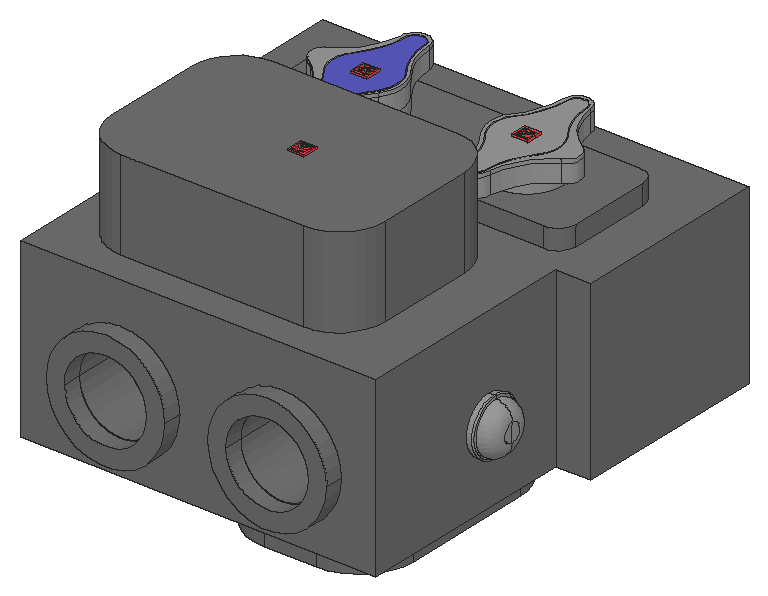
Revit family "HerzCon-Direktanschluss für FanCoils 90mm", category Rohrzubehör, Revit 2020
Family settings
  Bemaßung runder Anschluss = Durchmesser verwenden
  Teiletyp = Unterbricht
  OmniClass-Nummer = 23.65.55.14
  OmniClass-Titel = Valves for Liquid Services
  Arbeitsebenenbasiert = Nein
  Immer vertikal = Ja
  Beim Laden mit Abzugskörper schneiden = Nein
  Gemeinsam genutzt = Nein
Parameters (values of type "DN25")
  kvs-Wert (normale Funktion) = "2.75"  # constant formula
  kvs-Wert (Bypass Funktion) = "10.00"  # constant formula
  Vorgabe-Ansicht = 0.00 mm
  URL = "www.herz-armaturen.at"
  SCRNSEQ = "ARM;TYP_ARM=\"DURR\";02"
  SCRNCODE = "05;04;04"  # constant formula
  Nennweite SF [instance] = 32.00 mm  # constant formula
  Nennweite Kombi [instance] = 32.00 mm  # constant formula
  Nennweite KH [instance] = 25.00 mm  # constant formula
  Min. Betriebstemperatur = -20 °C  # constant formula
  Membrane und O-Ringe = "EPDM"  # constant formula
  Medium = "Heizungswasser gemäß ÖNORM H5195 oder VDI-Standard 2035.\r\nDie Verwendung von Ethylen- oder Propylenglykol-Gemischen in einem Verhältnis von 25-50 Vol.- % ist erlaubt."
  Max. Differenzdruck = 400000.0 Pa  # constant formula
  Max. Betriebstemperatur = 130 °C  # constant formula
  Max. Betriebsdruck = 2500000.0 Pa  # constant formula
  L11 = 14.00 mm  # constant formula
  L10 = 25.00 mm  # constant formula
  L09 = 16.00 mm  # constant formula
  L08 = 14.75 mm  # constant formula
  L07 = 12.50 mm  # constant formula
  L06 = 20.50 mm  # constant formula
  L04 = 45.00 mm  # constant formula
  L03 = 18.00 mm  # constant formula
  L02 = 4.80 mm  # constant formula
  L01 = 19.85 mm  # constant formula
  L00 [instance] = 189.70 mm  # constant formula
  L05 = 22.00 mm  # constant formula
  Isolierschalen = "EPP, wasserdampfdiffusionsdicht, schwarz"  # constant formula
  Hub = "4 mm"  # constant formula
  Hersteller = "HERZ Armaturen Ges.m.b.H."  # constant formula
  H02 = D02 + 1.00 mm  # 28.00 mm
  H01 = 39.50 mm  # constant formula
  Gehäuse = "entzinkungsbeständiges Messing"  # constant formula
  Dämmung [instance] = yes
  D11 = 20.00 mm  # constant formula
  D10 = 13.00 mm  # constant formula
  D09 = 18.90 mm  # constant formula
  D08 = 19.10 mm  # constant formula
  D07 = 14.85 mm  # constant formula
  D06 = 32.60 mm  # constant formula
  D05 = 33.80 mm  # constant formula
  D04 = 15.50 mm  # constant formula
  D03 = 21.25 mm  # constant formula
  D02 = 27.00 mm  # constant formula
  D01 = 15.00 mm  # constant formula
  Bestellnummer Isolierschale [instance] = 1470098  # constant formula
  Bestellnummer [instance] = 1460058  # constant formula
  Anwendungen = "Die HerzCON wurden entwickelt, um eine einfache Verbindung zu Gebläsekonvektoren oder anderen Anschlusseinheiten herzustellen.\r\nEin HerzCON ist eine Einheit, bestehend aus einem druckunabhängigen Kombiventil-Volumenstromregler (4006), Herz-Schmutzfänger, Herz-Entleerungshahn (2512) und zwei Herz-Multifunktionskugelhähnen.\r\nDas Ein-/ Aus Schalten sowie Modulieren ist über einen 0-10 V Stellantrieb möglich und kann bei Bedarf in eine GLT integriert werden.\r\nDie Einheit optimiert die Energieeffizienz des Systems, da es eine druckunabhängige Regelung ist, die den vollen Regelbereich unabhängig von Druckschwankungen gewährleistet, während gleichzeitig ein konstanter Durchfluss sichergestellt wird.\r\nMit der HerzCON können auch Spül- und Absperrvorgänge durchgeführt werden.\r\nEine Einheit kann für Heizen und Kühlen verwendet werden.\r\nEs gibt daher keinen Produktunterschied zwischen Heizen und Kühlen.\r\nDer am Sieb angebrachte Ablasshahn ermöglicht ein Spülen, ohne dass der Siebkorb entfernt werden muss.\r\nAußerdem kann der Siebkorb vor Ort gereinigt werden."
Reference planes
  plane 1 "Mitte (Vorne/hinten)": y = 0
  plane 2: z = 0
  plane 3 "Mitte (Links/rechts)": x = 0
Forms (mm)
  Revolve 1, solid, material "Messing, weicher Gelbton, geschweißt", detail levels fine
    sketch origin (-0.315, -1.436, 0) x (1, 0, 0) y (0, 1, 0)
      loop
        line (-94.535, 1.436) -> (95.165, 1.436) -> (95.165, 16.436) -> (75.315, 16.436) -> (75.315, 28.436) -> (23.115, 28.436) -> (23.115, 22.686) -> (18.315, 22.686) -> (18.315, 16.936) -> (-17.685, 16.936) -> (-17.685, 22.686) -> (-22.485, 22.686) -> (-22.485, 28.436) -> (-74.685, 28.436) -> (-74.685, 16.436) -> (-94.535, 16.436) -> (-94.535, 1.436)
      axis (95.165, 1.436) -> (-94.535, 1.436)
    angle from 0 to 360
  Revolve 2, solid, material "Messing, weicher Gelbton, geschweißt", detail levels fine
    sketch origin (0, 0, 0) x (1, 0, 0) y (0, 1, 0)
      loop
        line (-45, 28.35) -> (-57.5, 28.35) -> (-57.5, 47.45) -> (-65.5, 47.45) -> (-65.5, 32.6) -> (-67, 32.6) -> (-67, -33.8) -> (-59.75, -33.8) -> (-59.75, -45.7) -> (-70, -45.7) -> (-70, -65.7) -> (-61, -65.7) -> (-61, -52.7) -> (-45, -52.7) -> (-45, 28.35)
      axis (-45, 47.45) -> (-45, -65.7)
    angle from 0 to 360
  Revolve 3, solid, material "Messing, weicher Gelbton, geschweißt", detail levels fine
    sketch origin (0, 0, 0) x (-1, 0, 0) y (0, 1, 0)
      loop
        line (-45, 28.35) -> (-57.5, 28.35) -> (-57.5, 47.45) -> (-65.5, 47.45) -> (-65.5, 32.6) -> (-67, 32.6) -> (-67, -33.8) -> (-59.75, -33.8) -> (-59.75, -45.7) -> (-70, -45.7) -> (-70, -65.7) -> (-61, -65.7) -> (-61, -52.7) -> (-45, -52.7) -> (-45, 28.35)
      axis (-45, 47.45) -> (-45, -65.7)
    angle from 0 to 360
  Revolve 4, solid, material "Messing, weicher Gelbton, geschweißt", detail levels fine
    sketch origin (0, 0, 0) x (1, 0, 0) y (0, 0, 1)
      loop
        line (-45, 0) -> (-45, 39.5) -> (-59, 39.5) -> (-59, 0) -> (-45, 0)
      axis (-45, 0) -> (-45, 39.5)
    angle from 0 to 360
  Revolve 5, solid, material "Messing, weicher Gelbton, geschweißt", detail levels fine
    sketch origin (0, 0, 0) x (-1, 0, 0) y (0, 0, 1)
      loop
        line (-45, 0) -> (-45, 39.5) -> (-59, 39.5) -> (-59, 0) -> (-45, 0)
      axis (-45, 0) -> (-45, 39.5)
    angle from 0 to 360
  Revolve 6, solid, material "Messing, weicher Gelbton, geschweißt", detail levels fine
    sketch origin (0, 33.127, 0) x (1, 0, 0) y (0, 1, 0)
      loop
        line (45, -87.677) -> (29, -87.677) -> (29, -96.677) -> (30, -96.677) -> (30, -154.677) -> (29, -154.677) -> (29, -163.677) -> (45, -163.677) -> (45, -87.677)
      axis (45, -87.677) -> (45, -163.677)
    angle from 0 to 360
  Revolve 7, solid, material "Messing, weicher Gelbton, geschweißt", detail levels fine
    sketch origin (0, 0, 0) x (1, 0, 0) y (0, 1, 0)
      loop
        line (25, -92.55) -> (25, -107.55) -> (45, -107.55) -> (60, -111.55) -> (68, -111.55) -> (68, -107.55) -> (78, -107.55) -> (78, -105.55) -> (91, -105.55) -> (91, -106.55) -> (100, -106.55) -> (100, -92.55) -> (25, -92.55)
      axis (25, -92.55) -> (100, -92.55)
    angle from 0 to 360
  Revolve 8, solid, material "Messing, weicher Gelbton, geschweißt", detail levels fine
    sketch origin (0, 0, 0) x (1, 0, 0) y (0, 1, 0)
      loop
        line (25, -92.55) -> (11, -92.55) -> (11, -103.55) -> (15, -103.55) -> (15, -109.55) -> (25, -109.55) -> (25, -92.55)
      axis (11, -92.55) -> (25, -92.55)
    angle from 0 to 360
  Extrusion 9, solid, material "Messing, weicher Gelbton, geschweißt", detail levels fine
    sketch origin (0, 0, 0) x (0, 1, 0) y (0, 0, 1)
      loop
        line (-87.8, 46) -> (-97.3, 46) -> (-130.012, 27.114) -> (-134.762, 18.886) -> (-134.762, -18.886) -> (-130.012, -27.114) -> (-97.3, -46) -> (-87.8, -46) -> (-55.088, -27.114) -> (-50.338, -18.886) -> (-50.338, 18.886) -> (-55.088, 27.114) -> (-87.8, 46)
    from 11 to -10.6
  Revolve 10, solid, material "Messing, weicher Gelbton, geschweißt", detail levels fine
    sketch origin (0, 0, 0) x (1, 0, 0) y (0, 1, 0)
      loop
        line (-10.6, -92.55) -> (-10.6, -62.694) -> (-14.1, -75.05) -> (-14.1, -92.55) -> (-10.6, -92.55)
      axis (-14.1, -92.55) -> (-10.6, -92.55)
    angle from 0 to 360
  Extrusion 11, solid, material "Messing, weicher Gelbton, geschweißt", detail levels fine
    sketch origin (0, 0, 0) x (1, 0, 0) y (0, 0, 1)
      loop
        line (11, 8) -> (-6.1, 8)
        arc (-6.1, 8) -> (-14.1, 0) -> (-6.1, -8) r 8
        line (-6.1, -8) -> (11, -8) -> (11, 8)
    from 49.053 to 92.55
  Revolve 12, solid, material "Messing, weicher Gelbton, geschweißt", detail levels fine
    sketch origin (0, 0, 0) x (1, 0, 0) y (0, 1, 0)
      loop
        line (-13.1, -49.053) -> (-6.1, -49.053) -> (-6.1, -33.053) -> (-13.1, -33.053) -> (-13.1, -44.053) -> (-10.1, -44.053) -> (-10.1, -46.053) -> (-13.1, -46.053) -> (-13.1, -49.053)
      axis (-6.1, -33.053) -> (-6.1, -49.053)
    angle from 0 to 360
  Revolve 13, solid, material "Messing, weicher Gelbton, geschweißt", detail levels fine
    sketch origin (45, 0, 0) x (0, 1, 0) y (0, 0, 1)
      loop
        line (-107.55, 29) -> (-116.55, 29) -> (-116.55, 0) -> (-115.35, 0) -> (-115.35, -27) -> (-114.55, -27) -> (-114.55, -30) -> (-111.55, -30) -> (-111.55, -32) -> (-114.55, -32) -> (-114.55, -43) -> (-107.55, -43) -> (-107.55, 29)
      axis (-107.55, 29) -> (-107.55, -43)
    angle from 0 to 360
  Revolve 14, solid, material "Messing, weicher Gelbton, geschweißt", detail levels fine
    sketch origin (45, 0, 0) x (0, 1, 0) y (0, 0, 1)
      loop
        line (-68.55, 29) -> (-77.55, 29) -> (-77.55, 0) -> (-68.55, 0) -> (-68.55, 29)
      axis (-77.55, 29) -> (-77.55, 0)
    angle from 0 to 360
  Revolve 15, solid, material "Messing, weicher Gelbton, geschweißt", detail levels fine
    sketch origin (5.25, 97.957, 0) x (1, 0, 0) y (0, 1, 0)
      loop
        line (-50.25, -152.507) -> (-66.25, -152.507) -> (-66.25, -167.507) -> (-67.75, -167.507) -> (-67.75, -230.907) -> (-66.25, -230.907) -> (-66.25, -242.507) -> (-50.25, -242.507) -> (-50.25, -152.507)
      axis (-50.25, -152.507) -> (-50.25, -242.507)
    angle from 0 to 360
  Revolve 16, solid, material "Messing, weicher Gelbton, geschweißt", detail levels fine
    sketch origin (-45, -230.478, 0) x (0, 1, 0) y (0, 0, 1)
      loop
        arc (130.928, -23.913) -> (141.764, -20.377) -> (148.428, -11.13) r 18.37
        line (148.428, -11.13) -> (148.428, 3) -> (149.428, 4.812) -> (149.428, 32.5) -> (149.428, 34.5) -> (148.428, 34.5) -> (148.428, 36) -> (144.428, 36) -> (144.428, 49) -> (142.55, 50.084)
        arc (142.55, 50.084) -> (140.382, 52.622) -> (140.295, 55.959) r 5
        line (140.295, 55.959) -> (141.933, 61) -> (141.933, 76) -> (144.133, 76) -> (144.133, 77.5) -> (145.912, 77.5) -> (145.912, 84) -> (144.912, 86.5) -> (133.412, 86.5) -> (133.412, 89.5) -> (134.912, 89.5) -> (134.912, 91.5) -> (130.928, 91.5) -> (130.928, -23.913)
      axis (130.928, 91.5) -> (130.928, -23.913)
    angle from 0 to 360
  Extrusion 17, solid, material "Messing, weicher Gelbton, geschweißt", detail levels fine
    sketch origin (-1, -230.478, 0) x (0, 1, 0) y (0, 0, 1)
      loop
        circle (130.928, 65) r 5.5
    from -44 to -27
  Extrusion 18, solid, material "Kunststoff-Anthrazit/Schwarz", visible <- "Dämmung", detail levels fine
    sketch origin (-452.346, 0, 0) x (1, 0, 0) y (0, 1, 0)
      loop
        line (332.346, 64.5) -> (332.346, -45.5) -> (351.746, -45.5) -> (351.746, -170.5) -> (549.946, -170.5) -> (549.946, -45.5) -> (569.346, -45.5) -> (569.346, 64.5) -> (332.346, 64.5)
    from -42 to 56
  Extrusion 19, void
    sketch origin (0, 0, 0) x (0, 1, 0) y (0, 0, 1)
      loop
        circle (-92.55, 0) r 15
    from 117 to 32.451
  Extrusion 20, void
    sketch origin (0, 0, 0) x (1, 0, 0) y (0, 0, 1)
      loop
        circle (-45, 0) r 23
      loop
        circle (45, 0) r 23
    from 184.5 to -80
  Extrusion 21, solid, material "Kunststoff-Anthrazit/Schwarz", visible <- "Dämmung", detail levels fine
    sketch origin (0, 0, 0) x (1, 0, 0) y (0, 0, 1)
      loop
        circle (-45, 0) r 33
      loop
        circle (45, 0) r 33
    from 180.5 to 170.5
  Extrusion 22, solid, material "Kunststoff-Anthrazit/Schwarz", visible <- "Dämmung", detail levels fine
    sketch origin (0, 0, 0) x (1, 0, 0) y (0, 0, 1)
      loop
        circle (-45, 0) r 33
      loop
        circle (45, 0) r 33
    from -64.5 to -74.5
  Extrusion 23, solid, material "Kunststoff-Anthrazit/Schwarz", visible <- "Dämmung", detail levels fine
    sketch origin (0, 0, 0) x (1, 0, 0) y (0, 1, 0)
      loop
        line (43.2, -46.9) -> (-58.4, -46.9)
        arc (-58.4, -46.9) -> (-76.078, -54.222) -> (-83.4, -71.9) r 25
        line (-83.4, -71.9) -> (-83.4, -128)
        arc (-83.4, -128) -> (-76.078, -145.678) -> (-58.4, -153) r 25
        line (-58.4, -153) -> (43.2, -153)
        arc (43.2, -153) -> (60.878, -145.678) -> (68.2, -128) r 25
        line (68.2, -128) -> (68.2, -71.9)
        arc (68.2, -71.9) -> (60.878, -54.222) -> (43.2, -46.9) r 25
    from 56 to 106
  Extrusion 24, solid, material "Kunststoff-Anthrazit/Schwarz", visible <- "Dämmung", detail levels fine
    sketch origin (0, 0, 0) x (1, 0, 0) y (0, 1, 0)
      loop
        arc (81.5, -33.43) -> (88.571, -30.501) -> (91.5, -23.43) r 10
        line (91.5, -23.43) -> (91.5, 22.8)
        arc (91.5, 22.8) -> (88.571, 29.871) -> (81.5, 32.8) r 10
        line (81.5, 32.8) -> (-81.5, 32.8)
        arc (-81.5, 32.8) -> (-88.571, 29.871) -> (-91.5, 22.8) r 10
        line (-91.5, 22.8) -> (-91.5, -23.43)
        arc (-91.5, -23.43) -> (-88.571, -30.501) -> (-81.5, -33.43) r 10
        line (-81.5, -33.43) -> (81.5, -33.43)
    from 56 to 67
  Extrusion 25, solid, material "Kunststoff-Anthrazit/Schwarz", visible <- "Dämmung", detail levels fine
    sketch origin (0, 0, 0) x (1, 0, 0) y (0, 1, 0)
      loop
        arc (5.4, 1.85) -> (-15.813, -6.937) -> (-24.6, -28.15) r 30
        line (-24.6, -28.15) -> (-24.6, -102.9)
        arc (-24.6, -102.9) -> (-15.813, -124.113) -> (5.4, -132.9) r 30
        line (5.4, -132.9) -> (34.4, -132.9)
        arc (34.4, -132.9) -> (55.613, -124.113) -> (64.4, -102.9) r 30
        line (64.4, -102.9) -> (64.4, -28.15)
        arc (64.4, -28.15) -> (55.613, -6.937) -> (34.4, 1.85) r 30
        line (34.4, 1.85) -> (5.4, 1.85)
    from -42 to -76
Cuts and joins
  Extrusion 19, Extrusion 20 cuts Extrusion 18
  Extrusion 20 cuts Extrusion 21
  Extrusion 20 cuts Extrusion 22
Dimensions and locks
  "D04": Revolve 1 sketch curve to Revolve 1 sketch curve
  "D03": Revolve 1 sketch curve to Revolve 1 sketch curve  (x2)
  "D01": Revolve 1 sketch curve to Revolve 1 sketch curve  (x2)
  "D02": Revolve 1 sketch curve to Revolve 1 sketch curve  (x2)
  "L00": Revolve 1 sketch curve to Revolve 1 sketch curve
  "L01": Revolve 1 sketch curve to Revolve 1 sketch curve  (x2)
  "L02": Revolve 1 sketch curve to Revolve 1 sketch curve  (x2)
  equal spacing: Revolve 1 sketch curve, plane 3 "Mitte (Links/rechts)", Revolve 1 sketch curve
  "L03": Revolve 1 sketch curve to plane 3 "Mitte (Links/rechts)" to Revolve 1 sketch curve
  "L04": Revolve 2 sketch curve to plane 3 "Mitte (Links/rechts)"  (x2)
  "L05": Revolve 2 sketch curve to Revolve 2 sketch curve
  "D05": Revolve 2 sketch curve to plane 1 "Mitte (Vorne/hinten)"
  "D06": plane 1 "Mitte (Vorne/hinten)" to Revolve 2 sketch curve
  "L06": Revolve 2 sketch curve to Revolve 2 sketch curve
  "D07": Revolve 2 sketch curve to Revolve 2 sketch curve
  "D08": Revolve 2 sketch curve to Revolve 2 sketch curve
  "L07": Revolve 2 sketch curve to Revolve 2 sketch curve
  "L08": Revolve 2 sketch curve to Revolve 2 sketch curve
  "D09": Revolve 2 sketch curve to Revolve 2 sketch curve
  "D10": Revolve 2 sketch curve to Revolve 2 sketch curve
  "D11": Revolve 2 sketch curve to Revolve 2 sketch curve
  "L09": Revolve 2 sketch curve to Revolve 2 sketch curve
  "L10": Revolve 2 sketch curve to Revolve 2 sketch curve
  "L05": Revolve 3 sketch curve to Revolve 3 sketch curve
  "L06": Revolve 3 sketch curve to Revolve 3 sketch curve
  "D07": Revolve 3 sketch curve to Revolve 3 sketch curve
  "D08": Revolve 3 sketch curve to Revolve 3 sketch curve
  "L07": Revolve 3 sketch curve to Revolve 3 sketch curve
  "L08": Revolve 3 sketch curve to Revolve 3 sketch curve
  "D09": Revolve 3 sketch curve to Revolve 3 sketch curve
  "D10": Revolve 3 sketch curve to Revolve 3 sketch curve
  "D11": Revolve 3 sketch curve to Revolve 3 sketch curve
  "L09": Revolve 3 sketch curve to Revolve 3 sketch curve
  "L10": Revolve 3 sketch curve to Revolve 3 sketch curve
  "L04": plane 3 "Mitte (Links/rechts)" to Revolve 3 sketch curve  (x2)
  "D05": Revolve 3 sketch curve to plane 1 "Mitte (Vorne/hinten)"
  "D06": plane 1 "Mitte (Vorne/hinten)" to Revolve 3 sketch curve
  "H01": Revolve 4 sketch curve to plane 2
  "L04": plane 3 "Mitte (Links/rechts)" to Revolve 4 sketch curve  (x2)
  "L11": Revolve 4 sketch curve to Revolve 4 sketch curve
  "L11": Revolve 5 sketch curve to Revolve 5 sketch curve
  "L04": Revolve 5 sketch curve to plane 3 "Mitte (Links/rechts)"  (x2)
  "H01": Revolve 5 sketch curve to plane 2
  "L04": nested 3 to plane 3 "Mitte (Links/rechts)"
  "L04": plane 3 "Mitte (Links/rechts)" to nested 4
  "H02": nested 3 to plane 2
  "H02": nested 4 to plane 2
  "L04": plane 3 "Mitte (Links/rechts)" to Revolve 6 sketch curve  (x2)
  Revolve 6 sketch curve to Revolve 6 sketch curve = 16.00 mm  (x2)
  Revolve 6 sketch curve to Revolve 6 sketch curve = 15.00 mm
  Revolve 6 sketch curve to Revolve 6 sketch curve = 76.00 mm
  Revolve 6 sketch curve to Revolve 6 sketch curve = 9.00 mm  (x2)
  equal spacing: Revolve 6, Revolve 7 sketch curve, Revolve 6  (x2)
  Revolve 7 sketch curve to Revolve 7 sketch curve = 75.00 mm
  Revolve 7 sketch curve to Revolve 7 sketch curve = 9.00 mm
  Revolve 7 sketch curve to Revolve 7 sketch curve = 13.00 mm  (x2)
  Revolve 7 sketch curve to Revolve 7 sketch curve = 10.00 mm
  "L04": plane 3 "Mitte (Links/rechts)" to Revolve 7 sketch curve
  Revolve 7 sketch curve to Revolve 7 sketch curve = 14.00 mm
  Revolve 7 sketch curve to Revolve 7 sketch curve = 15.00 mm  (x2)
  Revolve 7 sketch curve to Revolve 7 sketch curve = 20.00 mm
  Revolve 7 sketch curve to Revolve 7 sketch curve = 35.00 mm
  Revolve 8 sketch curve to Revolve 7 = 20.00 mm
  equal spacing: Revolve 6, Revolve 8 sketch curve, Revolve 6  (x2)
  Revolve 8 sketch curve to Revolve 8 sketch curve = 17.00 mm
  Revolve 8 sketch curve to Revolve 8 sketch curve = 11.00 mm
  Revolve 8 sketch curve to Revolve 8 sketch curve = 14.00 mm
  Revolve 8 sketch curve to Revolve 8 sketch curve = 10.00 mm
  Revolve 6 to Extrusion 9 sketch curve = 4.212 mm
  Extrusion 9 sketch curve to Revolve 6 = 4.212 mm
  Extrusion 9 sketch curve to Extrusion 9 sketch curve = 84.424 mm
  equal spacing: Extrusion 9 sketch curve, level, Extrusion 9 sketch curve
  Extrusion 9 to Revolve 7 = 34.00 mm
  equal spacing: Revolve 6, Revolve 10 sketch curve, Revolve 6  (x2)
  Revolve 10 sketch curve to Revolve 10 sketch curve = 17.50 mm
  Revolve 10 sketch curve to Revolve 10 sketch curve = 29.856 mm
  Revolve 10 sketch curve to Extrusion 9 = 3.50 mm
  equal spacing: Revolve 6, nested 5, Revolve 6
  Revolve 7 to nested 5 = 46.00 mm
  Extrusion 9 to Revolve 10 = 25.10 mm
  Revolve 12 sketch curve to Revolve 12 sketch curve = 7.00 mm  (x2)
  Revolve 12 sketch curve to Revolve 12 sketch curve = 4.00 mm
  Revolve 12 sketch curve to Revolve 12 sketch curve = 3.00 mm
  Revolve 12 sketch curve to Revolve 12 sketch curve = 2.00 mm
  Revolve 12 sketch curve to Revolve 12 sketch curve = 11.00 mm
  Revolve 10 to Revolve 12 sketch curve = 1.00 mm
  Revolve 10 to Revolve 12 sketch curve = 8.00 mm
  Extrusion 11 to Revolve 12 sketch curve = 43.497 mm
  equal spacing: Revolve 6, Extrusion 11, Revolve 6
  Extrusion 11 to Extrusion 11 = 43.497 mm
  Revolve 3 to Revolve 6 = 178.00 mm
  Revolve 13 sketch curve to Revolve 13 sketch curve = 7.80 mm
  Revolve 13 sketch curve to Revolve 13 sketch curve = 9.00 mm
  Revolve 13 sketch curve to Revolve 13 sketch curve = 7.00 mm  (x2)
  Revolve 13 sketch curve to Revolve 13 sketch curve = 4.00 mm
  Revolve 13 sketch curve to Revolve 13 sketch curve = 3.00 mm
  Revolve 13 sketch curve to Revolve 13 sketch curve = 2.00 mm
  Revolve 13 sketch curve to Revolve 13 sketch curve = 11.00 mm
  "L04": plane 3 "Mitte (Links/rechts)" to Revolve 13
  Revolve 14 sketch curve to Revolve 14 sketch curve = 9.00 mm
  "L04": plane 3 "Mitte (Links/rechts)" to Revolve 14
  nested 7 to plane 2 = 29.00 mm
  nested 6 to plane 2 = 29.00 mm
  Revolve 15 sketch curve to Revolve 15 sketch curve = 11.60 mm
  Revolve 15 sketch curve to Revolve 15 sketch curve = 15.00 mm
  Revolve 15 sketch curve to Revolve 15 sketch curve = 90.00 mm
  Revolve 15 sketch curve to Revolve 15 sketch curve = 16.00 mm  (x2)
  Revolve 15 sketch curve to Revolve 15 sketch curve = 17.50 mm
  Revolve 15 to Revolve 16 sketch curve = 45.00 mm  (x2)
  Revolve 15 to Extrusion 17 sketch curve = 45.00 mm
  nested 8 to Revolve 15 = 45.00 mm
  plane 2 to Revolve 16 sketch curve = 23.913 mm
  Revolve 16 sketch curve to plane 2 = 34.50 mm
  Revolve 16 sketch curve to Revolve 16 sketch curve = 17.50 mm  (x2)
  Revolve 16 sketch curve to plane 2 = 4.812 mm
  Revolve 16 sketch curve to Revolve 16 sketch curve = 18.50 mm
  Revolve 16 sketch curve to Revolve 16 sketch curve = 1.50 mm
  Revolve 16 sketch curve to Revolve 16 sketch curve = 13.50 mm
  Revolve 16 sketch curve to Revolve 16 sketch curve = 13.00 mm
  "L04": Revolve 16 to plane 3 "Mitte (Links/rechts)"
  "L04": Revolve 15 sketch curve to plane 3 "Mitte (Links/rechts)"  (x2)
  Extrusion 17 to Extrusion 17 = 17.00 mm
  "L04": plane 3 "Mitte (Links/rechts)" to Extrusion 17
  Revolve 16 to Extrusion 17 sketch curve = 11.00 mm
  Extrusion 17 sketch curve to plane 2 = 65.00 mm
  Revolve 15 to Revolve 2 = 192.00 mm
  Extrusion 18 sketch curve to Extrusion 18 sketch curve = 237.00 mm
  Extrusion 18 sketch curve to Extrusion 18 sketch curve = 235.00 mm
  Extrusion 18 sketch curve to Extrusion 18 sketch curve = 19.40 mm  (x2)
  plane 1 "Mitte (Vorne/hinten)" to Extrusion 18 sketch curve = 64.50 mm
  Extrusion 18 sketch curve to Extrusion 18 sketch curve = 110.00 mm  (x2)
  cut or joined group of Extrusion 18, Extrusion 19, Extrusion 20 to Extrusion 19 sketch curve = 77.95 mm
  cut or joined group of Extrusion 18, Extrusion 19, Extrusion 20 to Extrusion 20 sketch curve = 52.00 mm
  cut or joined group of Extrusion 18, Extrusion 19, Extrusion 20 to Extrusion 20 sketch curve = 142.00 mm
  cut or joined group of Extrusion 18, Extrusion 19, Extrusion 20 to Extrusion 21 sketch curve = 42.00 mm
  cut or joined group of Extrusion 18, Extrusion 19, Extrusion 20 to Extrusion 21 sketch curve = 132.00 mm
  cut or joined group of Extrusion 18, Extrusion 19, Extrusion 20 to Extrusion 22 sketch curve = 42.00 mm
  cut or joined group of Extrusion 18, Extrusion 19, Extrusion 20 to Extrusion 22 sketch curve = 132.00 mm
  cut or joined group of Extrusion 18, Extrusion 19, Extrusion 20 to Extrusion 23 sketch curve = 17.50 mm
  cut or joined group of Extrusion 18, Extrusion 19, Extrusion 20 to Extrusion 23 sketch curve = 17.20 mm
  Extrusion 23 sketch curve to Extrusion 23 sketch curve = 151.60 mm
  Extrusion 23 sketch curve to Extrusion 23 sketch curve = 106.10 mm
  Extrusion 24 sketch curve to Extrusion 24 sketch curve = 66.23 mm
  Extrusion 24 sketch curve to Extrusion 24 sketch curve = 183.00 mm
  cut or joined group of Extrusion 18, Extrusion 19, Extrusion 20 to Extrusion 24 sketch curve = 28.50 mm
  Extrusion 24 sketch curve to cut or joined group of Extrusion 18, Extrusion 19, Extrusion 20 = 25.50 mm
  cut or joined group of Extrusion 18, Extrusion 19, Extrusion 20 to Extrusion 24 sketch curve = 31.70 mm
  cut or joined group of Extrusion 18, Extrusion 19, Extrusion 20 to Extrusion 25 sketch curve = 62.65 mm
  Extrusion 25 sketch curve to Extrusion 25 sketch curve = 134.75 mm
  Extrusion 25 sketch curve to cut or joined group of Extrusion 18, Extrusion 19, Extrusion 20 = 52.60 mm
  Extrusion 25 sketch curve to Extrusion 25 sketch curve = 89.00 mm
  equal spacing: Extrusion 23, nested 9, Extrusion 23
  nested 9 to plane 2 = 105.20 mm
  radius of Revolve 16 sketch curve = 18.37 mm
  radius of Extrusion 17 sketch curve = 5.50 mm
  diameter of Extrusion 19 sketch curve = 30.00 mm
  diameter of Extrusion 20 sketch curve = 46.00 mm  (x2)
  diameter of Extrusion 21 sketch curve = 66.00 mm  (x2)
  diameter of Extrusion 22 sketch curve = 66.00 mm  (x2)
  aligned and locked: level to plane 2
Automatic sketch dimensions
  Extrusion 11 sketch curve to level = 0.00 mm
  Extrusion 11 sketch curve to plane 3 "Mitte (Links/rechts)" = 6.10 mm
  plane 3 "Mitte (Links/rechts)" to Extrusion 11 sketch curve = 11.00 mm
  Extrusion 11 sketch curve to level = 8.00 mm
  Revolve 8 sketch curve to Revolve 8 sketch curve = 2.197 mm
  Revolve 8 sketch curve to Revolve 8 sketch curve = 3.212 mm
  level to Extrusion 9 sketch curve = 27.114 mm  (x2)
  Extrusion 9 sketch curve to Extrusion 9 sketch curve = 4.75 mm  (x4)
  Extrusion 9 sketch curve to level = 27.114 mm  (x2)
  Extrusion 9 sketch curve to Extrusion 9 sketch curve = 32.712 mm  (x2)
  Extrusion 9 sketch curve to Extrusion 9 sketch curve = 9.50 mm  (x2)
  Extrusion 9 sketch curve to Extrusion 9 sketch curve = 18.886 mm
  Extrusion 9 sketch curve to Extrusion 9 sketch curve = 8.227 mm  (x4)
  Revolve 10 sketch curve to plane 3 "Mitte (Links/rechts)" = 10.60 mm
  Revolve 10 sketch curve to Revolve 10 sketch curve = 0.00 mm  (x2)
  Revolve 12 sketch curve to Revolve 12 sketch curve = 1.775 mm
  Revolve 12 sketch curve to Revolve 12 sketch curve = 4.225 mm
  Revolve 13 sketch curve to level = 0.00 mm
  level to Revolve 13 sketch curve = 29.00 mm
  plane 1 "Mitte (Vorne/hinten)" to Revolve 13 sketch curve = 116.55 mm
  Revolve 13 sketch curve to level = 27.00 mm
  Revolve 13 sketch curve to Revolve 13 sketch curve = 7.00 mm
  Revolve 13 sketch curve to Revolve 13 sketch curve = 7.744 mm
  Revolve 13 sketch curve to Revolve 13 sketch curve = 8.256 mm
  Revolve 14 sketch curve to level = 0.00 mm
  level to Revolve 14 sketch curve = 29.00 mm
  plane 1 "Mitte (Vorne/hinten)" to Revolve 14 sketch curve = 77.55 mm
  Revolve 14 sketch curve to Revolve 14 sketch curve = 0.00 mm
  level to Revolve 14 sketch curve = 14.00 mm
  Revolve 14 sketch curve to Revolve 14 sketch curve = 5.00 mm
  Revolve 16 sketch curve to Revolve 16 sketch curve = 2.485 mm
  Revolve 16 sketch curve to Revolve 16 sketch curve = 1.50 mm  (x2)
  level to Revolve 16 sketch curve = 55.959 mm
  Revolve 16 sketch curve to Revolve 16 sketch curve = 4.133 mm
  level to Revolve 16 sketch curve = 61.00 mm
  Revolve 16 sketch curve to Revolve 16 sketch curve = 1.638 mm
  level to Revolve 16 sketch curve = 50.084 mm
  Revolve 16 sketch curve to Revolve 16 sketch curve = 1.878 mm
  Revolve 16 sketch curve to Revolve 16 sketch curve = 10.00 mm
  Revolve 16 sketch curve to Revolve 16 sketch curve = 2.50 mm  (x2)
  Revolve 16 sketch curve to Revolve 16 sketch curve = 1.00 mm
  Revolve 16 sketch curve to Revolve 16 sketch curve = 1.812 mm
  Revolve 16 sketch curve to Revolve 16 sketch curve = 2.00 mm  (x2)
  Revolve 16 sketch curve to Revolve 16 sketch curve = 15.00 mm
  Revolve 16 sketch curve to Revolve 16 sketch curve = 6.50 mm
  Revolve 16 sketch curve to Revolve 16 sketch curve = 3.00 mm
  Revolve 16 sketch curve to Revolve 16 sketch curve = 2.20 mm
  Revolve 16 sketch curve to Revolve 16 sketch curve = 1.316 mm
  Revolve 16 sketch curve to Revolve 16 sketch curve = 0.227 mm
  Extrusion 18 sketch curve to plane 3 "Mitte (Links/rechts)" = 120.00 mm
  Extrusion 19 sketch curve to level = 0.00 mm
  Extrusion 20 sketch curve to level = 0.00 mm  (x2)
  Extrusion 21 sketch curve to level = 0.00 mm  (x2)
  Extrusion 22 sketch curve to level = 0.00 mm  (x2)
  Extrusion 23 sketch curve to Extrusion 23 sketch curve = 25.00 mm  (x4)
  Extrusion 24 sketch curve to Extrusion 24 sketch curve = 10.00 mm  (x4)
  Extrusion 25 sketch curve to Extrusion 25 sketch curve = 30.00 mm
  plane 1 "Mitte (Vorne/hinten)" to Extrusion 25 sketch curve = 28.15 mm
  Extrusion 25 sketch curve to Extrusion 25 sketch curve = 29.00 mm  (x2)
  Revolve 1 sketch curve to plane 1 "Mitte (Vorne/hinten)" = 0.00 mm
  plane 1 "Mitte (Vorne/hinten)" to Revolve 1 sketch curve = 0.00 mm
  Revolve 1 sketch curve to Revolve 1 sketch curve = 1933.131 mm
  Revolve 1 sketch curve to Revolve 1 sketch curve = 1932.50 mm
  plane 1 "Mitte (Vorne/hinten)" to Revolve 2 sketch curve = 18.80 mm
  Revolve 2 sketch curve to Revolve 2 sketch curve = 12.268 mm
  Revolve 3 sketch curve to plane 1 "Mitte (Vorne/hinten)" = 18.80 mm
  Revolve 3 sketch curve to Revolve 3 sketch curve = 12.268 mm
  Revolve 4 sketch curve to level = 0.00 mm  (x2)
  Revolve 4 sketch curve to Revolve 4 sketch curve = 9.50 mm
  Revolve 5 sketch curve to level = 0.00 mm  (x2)
  Revolve 5 sketch curve to Revolve 5 sketch curve = 9.50 mm
  plane 1 "Mitte (Vorne/hinten)" to Revolve 6 sketch curve = 130.55 mm
  Revolve 6 sketch curve to Revolve 6 sketch curve = 6.00 mm
  Revolve 6 sketch curve to Revolve 6 sketch curve = 5.00 mm
  Revolve 7 sketch curve to Revolve 7 sketch curve = 4.00 mm
  Revolve 7 sketch curve to Revolve 7 sketch curve = 15.00 mm
  Revolve 7 sketch curve to Revolve 7 sketch curve = 11.575 mm
  plane 1 "Mitte (Vorne/hinten)" to Revolve 15 sketch curve = 144.55 mm
  Revolve 15 sketch curve to Revolve 15 sketch curve = 6.926 mm
  Revolve 15 sketch curve to Revolve 15 sketch curve = 10.00 mm
Nested families
  nested 1: "Herz-Logo-vorne" at (-0.315, -15.5, 0) x (0, 1, 0) z (0, 0, 1), type "Herz-Logo-vorne", detail levels fine
  nested 2: "Herz-Logo-vorne" at (-0.315, 15.5, 0) x (0, 1, 0) z (0, 0, 1), type "Herz-Logo-vorne", detail levels fine
  nested 3: "Handrad (blau) für HerzCon DN25-DN32" at (-45, 0, 28) x (0, -1, 0) z (0, 0, 1), type "Handrad (blau) für HerzCon DN25-DN32", detail levels fine
  nested 4: "Handrad (rot) für HerzCon DN25-DN32" at (45, 0, 28) x (0, 1, 0) z (0, 0, 1), type "Handrad (rot) für HerzCon DN25-DN32", detail levels fine
  nested 5: "Bauschutzkappe für HerCon" at (91, -92.55, 0), type "Bauschutzkappe für HerCon"
  nested 6: "Messstutzen_Band_Austritt_senkrecht_(oben)" at (45, -77.55, 11.5), type "Messstutzen_Band_Austritt_senkrecht_(oben)"
    with Schutzkappe yes, Nennweite 0.00 mm, Gewicht 0.00 kg, Bestellnummer 0
  nested 7: "Messstutzen_Band_Eintritt_senkrecht_(oben)" at (45, -107.55, 11.5), type "Messstutzen_Band_Eintritt_senkrecht_(oben)"
    with Schutzkappe yes, Nennweite 0.00 mm, Gewicht 0.00 kg, Bestellnummer 0
  nested 8: "Flügelgriff rot (seite)" at (-32.6, -99.55, 65), type "Flügelgriff rot (seite)"
  nested 9: "Herz-Logo" at (0, -99.95, 105.2), visible <- "Dämmung", type "Herz-Logo", detail levels fine
Connectors
  piping at (45, -130.55, 0), diameter 32, driven by "Nennweite Kombi"
    settings: on Revolve 6, index 1, connector inside diameter 609.6 mm, connector length 0.00 mm, flow factor 0, pipe flow 0.0 L/s, pressure drop 0.0 Pa, fitting loss kfactor 0, connector angle 0.00°, fixture units 0, engagement length 0.00 mm, angle of deflection 0.00°, flow configuration 0, flow direction 1, fitting loss method 0, system type 7, joint type 0, gender type 0, connector reference index -1, connector utility 0, adjustable connector no, is connector primary yes, connector description ""
  piping at (-45, -144.55, 0), diameter 32, driven by "Nennweite SF"
    settings: on Revolve 15, index 2, connector inside diameter 609.6 mm, connector length 0.00 mm, flow factor 0, pipe flow 0.0 L/s, pressure drop 0.0 Pa, fitting loss kfactor 0, connector angle 0.00°, fixture units 0, engagement length 0.00 mm, angle of deflection 0.00°, flow configuration 0, flow direction 2, fitting loss method 0, system type 8, joint type 0, gender type 0, connector reference index -1, connector utility 0, adjustable connector no, is connector primary no, connector description ""
  piping at (-45, 28.35, 0), diameter 25, driven by "Nennweite KH"
    settings: on Revolve 2, index 3, connector inside diameter 609.6 mm, connector length 0.00 mm, flow factor 0, pipe flow 0.0 L/s, pressure drop 0.0 Pa, fitting loss kfactor 0, connector angle 0.00°, fixture units 0, engagement length 0.00 mm, angle of deflection 0.00°, flow configuration 0, flow direction 1, fitting loss method 0, system type 8, joint type 0, gender type 0, connector reference index -1, connector utility 0, adjustable connector no, is connector primary no, connector description ""
  piping at (45, 28.35, 0), diameter 25, driven by "Nennweite KH"
    settings: on Revolve 3, index 4, connector inside diameter 609.6 mm, connector length 0.00 mm, flow factor 0, pipe flow 0.0 L/s, pressure drop 0.0 Pa, fitting loss kfactor 0, connector angle 0.00°, fixture units 0, engagement length 0.00 mm, angle of deflection 0.00°, flow configuration 0, flow direction 2, fitting loss method 0, system type 7, joint type 0, gender type 0, connector reference index -1, connector utility 0, adjustable connector no, is connector primary no, connector description ""
Definition of nested family "Herz-Logo-vorne"
  Parameters (values of type "Herz-Logo-vorne")
    Default Elevation = 0.00 mm
  Reference planes
    plane 1 "Mitte (Vorne/hinten)": y = 0
    plane 2: z = 0
    plane 3 "Mitte (Links/rechts)": x = 0
  Forms (mm)
    Extrusion 1, solid
      sketch origin (0.732, -0.018, 0.017) x (0, -1, 0) y (0, 0, 1)
        loop
          line (-0.018, -4.517) -> (4.482, -4.517) -> (4.482, 4.483) -> (-4.518, 4.483) -> (-4.518, -4.517) -> (-0.018, -4.517)
        loop
          line (-0.05, -3.48) -> (3.482, -3.48) -> (3.482, 3.483) -> (-3.518, 3.483) -> (-3.518, -3.48) -> (-0.05, -3.48)
        loop
          arc (-0.018, 2.383) -> (-1.543, 3.287) -> (-3.067, 2.383) r 1.738
          arc (-3.067, 2.383) -> (-3.191, 1.899) -> (-3.067, 1.415) r 1.009
          line (-3.067, 1.415) -> (-0.018, -3.281) -> (3.032, 1.415)
          arc (3.032, 1.415) -> (3.156, 1.899) -> (3.032, 2.383) r 1.009
          arc (3.032, 2.383) -> (1.507, 3.287) -> (-0.018, 2.383) r 1.738
        loop
          arc (1.885, 1.272) -> (2.005, 1.675) -> (1.885, 2.079) r 0.74
          arc (1.885, 2.079) -> (1.265, 2.416) -> (0.644, 2.079) r 0.74
          line (0.644, 2.079) -> (-0.018, 0.97) -> (-0.679, 2.079)
          arc (-0.679, 2.079) -> (-1.3, 2.416) -> (-1.921, 2.079) r 0.74
          arc (-1.921, 2.079) -> (-2.04, 1.675) -> (-1.921, 1.272) r 0.74
          line (-1.921, 1.272) -> (-0.018, -1.658) -> (1.885, 1.272)
      from 0 to 1.5
  Dimensions and locks
    aligned and locked: level to plane 2
Definition of nested family "Handrad (blau) für HerzCon DN25-DN32"
  Parameters (values of type "Handrad (blau) für HerzCon DN25-DN32")
    Default Elevation = 0.00 mm
  Reference planes
    plane 1 "Mitte (Vorne/hinten)": y = 0
    plane 2: z = 0
    plane 3 "Mitte (Links/rechts)": x = 0
  Forms (mm)
    Extrusion 1, solid, detail levels fine
      sketch origin (0, 0, 0) x (1, 0, 0) y (0, 1, 0)
        loop
          circle (0, 0) r 20
      from 0 to 45
    Extrusion 2, solid, detail levels fine
      sketch origin (0, 0, 0) x (1, 0, 0) y (0, 1, 0)
        loop
          arc (-35, 7.5) -> (-42.5, 0) -> (-35, -7.5) r 7.5
          arc (-35, -7.5) -> (-19.287, -13.2) -> (-7.275, -24.825) r 40
          arc (-7.275, -24.825) -> (0, -30) -> (7.275, -24.825) r 7.7
          arc (7.275, -24.825) -> (19.287, -13.2) -> (35, -7.5) r 40
          arc (35, -7.5) -> (42.5, 0) -> (35, 7.5) r 7.5
          arc (35, 7.5) -> (22.22, 10.127) -> (10.965, 16.726) r 40
          arc (10.965, 16.726) -> (0, 20) -> (-10.965, 16.726) r 20
          arc (-10.965, 16.726) -> (-22.22, 10.127) -> (-35, 7.5) r 40
      from 45 to 55
    Extrusion 3, solid, detail levels fine
      sketch origin (0, 0, 0) x (1, 0, 0) y (0, 1, 0)
        loop
          arc (-35, 7.5) -> (-42.5, 0) -> (-35, -7.5) r 7.5
          arc (-35, -7.5) -> (-19.287, -13.2) -> (-7.275, -24.825) r 40
          arc (-7.275, -24.825) -> (0, -30) -> (7.275, -24.825) r 7.7
          arc (7.275, -24.825) -> (19.287, -13.2) -> (35, -7.5) r 40
          arc (35, -7.5) -> (42.5, 0) -> (35, 7.5) r 7.5
          arc (35, 7.5) -> (22.22, 10.127) -> (10.965, 16.726) r 40
          arc (10.965, 16.726) -> (0, 20) -> (-10.965, 16.726) r 20
          arc (-10.965, 16.726) -> (-22.22, 10.127) -> (-35, 7.5) r 40
        loop
          arc (-34.965, 5.5) -> (-40.5, 0) -> (-34.965, -5.5) r 5.5
          arc (-34.965, -5.5) -> (-21.579, -8.231) -> (-9.777, -15.113) r 42
          arc (-9.777, -15.113) -> (0, -18) -> (9.777, -15.113) r 18
          arc (9.777, -15.113) -> (21.579, -8.231) -> (34.965, -5.5) r 42
          arc (34.965, -5.5) -> (40.5, 0) -> (34.965, 5.5) r 5.5
          arc (34.965, 5.5) -> (21.579, 8.231) -> (9.777, 15.113) r 42
          arc (9.777, 15.113) -> (0, 18) -> (-9.777, 15.113) r 18
          arc (-9.777, 15.113) -> (-21.579, 8.231) -> (-34.965, 5.5) r 42
      from 55 to 57
    Extrusion 4, solid, detail levels fine
      sketch origin (0, 0, 0) x (1, 0, 0) y (0, 1, 0)
        loop
          arc (-34.965, 5.5) -> (-40.5, 0) -> (-34.965, -5.5) r 5.5
          arc (-34.965, -5.5) -> (-21.579, -8.231) -> (-9.777, -15.113) r 42
          arc (-9.777, -15.113) -> (0, -18) -> (9.777, -15.113) r 18
          arc (9.777, -15.113) -> (21.579, -8.231) -> (34.965, -5.5) r 42
          arc (34.965, -5.5) -> (40.5, 0) -> (34.965, 5.5) r 5.5
          arc (34.965, 5.5) -> (21.579, 8.231) -> (9.777, 15.113) r 42
          arc (9.777, 15.113) -> (0, 18) -> (-9.777, 15.113) r 18
          arc (-9.777, 15.113) -> (-21.579, 8.231) -> (-34.965, 5.5) r 42
      from 55 to 57
  Dimensions and locks
    aligned and locked: level to plane 2
  Nested families
    nested 1: "Herz-Logo" at (0, 0, 56.5), type "Herz-Logo", detail levels fine
  Definition of nested family "Herz-Logo"
    Parameters (values of type "Herz-Logo")
      Default Elevation = 0.00 mm
    Reference planes
      plane 1 "Mitte (Vorne/hinten)": y = 0
      plane 2: z = 0
      plane 3 "Mitte (Links/rechts)": x = 0
    Forms (mm)
      Extrusion 1, solid
        sketch origin (0, 0, 0) x (1, 0, 0) y (0, 1, 0)
          loop
            line (-0.018, -4.517) -> (4.482, -4.517) -> (4.482, 4.483) -> (-4.518, 4.483) -> (-4.518, -4.517) -> (-0.018, -4.517)
          loop
            line (-0.05, -3.48) -> (3.482, -3.48) -> (3.482, 3.483) -> (-3.518, 3.483) -> (-3.518, -3.48) -> (-0.05, -3.48)
          loop
            arc (-0.018, 2.383) -> (-1.543, 3.287) -> (-3.067, 2.383) r 1.738
            arc (-3.067, 2.383) -> (-3.191, 1.899) -> (-3.067, 1.415) r 1.009
            line (-3.067, 1.415) -> (-0.018, -3.281) -> (3.032, 1.415)
            arc (3.032, 1.415) -> (3.156, 1.899) -> (3.032, 2.383) r 1.009
            arc (3.032, 2.383) -> (1.507, 3.287) -> (-0.018, 2.383) r 1.738
          loop
            arc (1.885, 1.272) -> (2.005, 1.675) -> (1.885, 2.079) r 0.74
            arc (1.885, 2.079) -> (1.265, 2.416) -> (0.644, 2.079) r 0.74
            line (0.644, 2.079) -> (-0.018, 0.97) -> (-0.679, 2.079)
            arc (-0.679, 2.079) -> (-1.3, 2.416) -> (-1.921, 2.079) r 0.74
            arc (-1.921, 2.079) -> (-2.04, 1.675) -> (-1.921, 1.272) r 0.74
            line (-1.921, 1.272) -> (-0.018, -1.658) -> (1.885, 1.272)
        from 0 to 1.5
    Dimensions and locks
      aligned and locked: level to plane 2
Definition of nested family "Handrad (rot) für HerzCon DN25-DN32"
  Parameters (values of type "Handrad (rot) für HerzCon DN25-DN32")
    Default Elevation = 0.00 mm
  Reference planes
    plane 1 "Mitte (Vorne/hinten)": y = 0
    plane 2: z = 0
    plane 3 "Mitte (Links/rechts)": x = 0
  Forms (mm)
    Extrusion 1, solid, detail levels fine
      sketch origin (0, 0, 0) x (1, 0, 0) y (0, 1, 0)
        loop
          circle (0, 0) r 20
      from 0 to 45
    Extrusion 2, solid, detail levels fine
      sketch origin (0, 0, 0) x (1, 0, 0) y (0, 1, 0)
        loop
          arc (-35, 7.5) -> (-42.5, 0) -> (-35, -7.5) r 7.5
          arc (-35, -7.5) -> (-19.287, -13.2) -> (-7.275, -24.825) r 40
          arc (-7.275, -24.825) -> (0, -30) -> (7.275, -24.825) r 7.7
          arc (7.275, -24.825) -> (19.287, -13.2) -> (35, -7.5) r 40
          arc (35, -7.5) -> (42.5, 0) -> (35, 7.5) r 7.5
          arc (35, 7.5) -> (22.22, 10.127) -> (10.965, 16.726) r 40
          arc (10.965, 16.726) -> (0, 20) -> (-10.965, 16.726) r 20
          arc (-10.965, 16.726) -> (-22.22, 10.127) -> (-35, 7.5) r 40
      from 45 to 55
    Extrusion 3, solid, detail levels fine
      sketch origin (0, 0, 0) x (1, 0, 0) y (0, 1, 0)
        loop
          arc (-35, 7.5) -> (-42.5, 0) -> (-35, -7.5) r 7.5
          arc (-35, -7.5) -> (-19.287, -13.2) -> (-7.275, -24.825) r 40
          arc (-7.275, -24.825) -> (0, -30) -> (7.275, -24.825) r 7.7
          arc (7.275, -24.825) -> (19.287, -13.2) -> (35, -7.5) r 40
          arc (35, -7.5) -> (42.5, 0) -> (35, 7.5) r 7.5
          arc (35, 7.5) -> (22.22, 10.127) -> (10.965, 16.726) r 40
          arc (10.965, 16.726) -> (0, 20) -> (-10.965, 16.726) r 20
          arc (-10.965, 16.726) -> (-22.22, 10.127) -> (-35, 7.5) r 40
        loop
          arc (-34.965, 5.5) -> (-40.5, 0) -> (-34.965, -5.5) r 5.5
          arc (-34.965, -5.5) -> (-21.579, -8.231) -> (-9.777, -15.113) r 42
          arc (-9.777, -15.113) -> (0, -18) -> (9.777, -15.113) r 18
          arc (9.777, -15.113) -> (21.579, -8.231) -> (34.965, -5.5) r 42
          arc (34.965, -5.5) -> (40.5, 0) -> (34.965, 5.5) r 5.5
          arc (34.965, 5.5) -> (21.579, 8.231) -> (9.777, 15.113) r 42
          arc (9.777, 15.113) -> (0, 18) -> (-9.777, 15.113) r 18
          arc (-9.777, 15.113) -> (-21.579, 8.231) -> (-34.965, 5.5) r 42
      from 55 to 57
    Extrusion 4, solid, detail levels fine
      sketch origin (0, 0, 0) x (1, 0, 0) y (0, 1, 0)
        loop
          arc (-34.965, 5.5) -> (-40.5, 0) -> (-34.965, -5.5) r 5.5
          arc (-34.965, -5.5) -> (-21.579, -8.231) -> (-9.777, -15.113) r 42
          arc (-9.777, -15.113) -> (0, -18) -> (9.777, -15.113) r 18
          arc (9.777, -15.113) -> (21.579, -8.231) -> (34.965, -5.5) r 42
          arc (34.965, -5.5) -> (40.5, 0) -> (34.965, 5.5) r 5.5
          arc (34.965, 5.5) -> (21.579, 8.231) -> (9.777, 15.113) r 42
          arc (9.777, 15.113) -> (0, 18) -> (-9.777, 15.113) r 18
          arc (-9.777, 15.113) -> (-21.579, 8.231) -> (-34.965, 5.5) r 42
      from 55 to 57
  Dimensions and locks
    aligned and locked: level to plane 2
  Nested families
    nested 1: "Herz-Logo" at (0, 0, 56.5), type "Herz-Logo", detail levels fine
  Definition of nested family "Herz-Logo"
    Parameters (values of type "Herz-Logo")
      Default Elevation = 0.00 mm
    Reference planes
      plane 1 "Mitte (Vorne/hinten)": y = 0
      plane 2: z = 0
      plane 3 "Mitte (Links/rechts)": x = 0
    Forms (mm)
      Extrusion 1, solid
        sketch origin (0, 0, 0) x (1, 0, 0) y (0, 1, 0)
          loop
            line (-0.018, -4.517) -> (4.482, -4.517) -> (4.482, 4.483) -> (-4.518, 4.483) -> (-4.518, -4.517) -> (-0.018, -4.517)
          loop
            line (-0.05, -3.48) -> (3.482, -3.48) -> (3.482, 3.483) -> (-3.518, 3.483) -> (-3.518, -3.48) -> (-0.05, -3.48)
          loop
            arc (-0.018, 2.383) -> (-1.543, 3.287) -> (-3.067, 2.383) r 1.738
            arc (-3.067, 2.383) -> (-3.191, 1.899) -> (-3.067, 1.415) r 1.009
            line (-3.067, 1.415) -> (-0.018, -3.281) -> (3.032, 1.415)
            arc (3.032, 1.415) -> (3.156, 1.899) -> (3.032, 2.383) r 1.009
            arc (3.032, 2.383) -> (1.507, 3.287) -> (-0.018, 2.383) r 1.738
          loop
            arc (1.885, 1.272) -> (2.005, 1.675) -> (1.885, 2.079) r 0.74
            arc (1.885, 2.079) -> (1.265, 2.416) -> (0.644, 2.079) r 0.74
            line (0.644, 2.079) -> (-0.018, 0.97) -> (-0.679, 2.079)
            arc (-0.679, 2.079) -> (-1.3, 2.416) -> (-1.921, 2.079) r 0.74
            arc (-1.921, 2.079) -> (-2.04, 1.675) -> (-1.921, 1.272) r 0.74
            line (-1.921, 1.272) -> (-0.018, -1.658) -> (1.885, 1.272)
        from 0 to 1.5
    Dimensions and locks
      aligned and locked: level to plane 2
Definition of nested family "Bauschutzkappe für HerCon"
  Parameters (values of type "Bauschutzkappe für HerCon")
    Default Elevation = 0.00 mm
  Reference planes
    plane 1 "Mitte (Vorne/hinten)": y = 0
    plane 2: z = 0
    plane 3 "Mitte (Links/rechts)": x = 0
  Forms (mm)
    Revolve 1, solid, detail levels fine
      sketch origin (0, 0, 0) x (0, 0, 1) y (-1, 0, 0)
        loop
          line (0, 0) -> (-15.5, 0) -> (-15.5, -10.067)
          arc (-15.5, -10.067) -> (-15.733, -10.629) -> (-15.25, -11) r 0.5
          line (-15.25, -11) -> (-14.093, -11)
          arc (-14.093, -11) -> (-11.457, -17.364) -> (-5.093, -20) r 9
          line (-5.093, -20) -> (0, -20) -> (0, 0)
        axis (0, 0) -> (0, -20)
      angle from 0 to 360
  Dimensions and locks
    aligned and locked: level to plane 2
Definition of nested family "Messstutzen_Band_Austritt_senkrecht_(oben)"
  Parameters (values of type "Messstutzen_Band_Austritt_senkrecht_(oben)")
    Default Elevation = 0.00 mm
    URL = "www.herz-armaturen.at"
    Schutzkappe [instance] = yes
    Nennweite [instance] = 0.00 mm
    Manufacturer = "Herz Armaturen GmbH"  # constant formula
    Gewicht [instance] = 0.00 kg
    Bestellnummer [instance] = 0
  Reference planes
    plane 1 "Mitte (Vorne/hinten)": y = 0
    plane 2: z = 0
    plane 3 "Mitte (Links/rechts)": x = 0
    plane 4 "Schlaufe 1": z = -27
    plane 5 "Schlaufe 2": z = -31.678
  Forms (mm)
    Revolve 1, solid, detail levels fine
      sketch origin (0, 0, 0) x (1, 0, 0) y (0, 0, 1)
        loop
          line (-7.4, 9) -> (-5.55, 9) -> (-5.55, 6)
          arc (-5.55, 6) -> (-5.626, 5.617) -> (-5.843, 5.293) r 1
          line (-5.843, 5.293) -> (-6.455, 4.681) -> (-6.455, 0.9) -> (-5.555, 0) -> (-2, 0) -> (-2, 17.5) -> (-8.4, 17.5)
          arc (-8.4, 17.5) -> (-7.693, 17.207) -> (-7.4, 16.5) r 1
          line (-7.4, 16.5) -> (-7.4, 9)
        loop
          line (-3.7, 27) -> (-7.3, 27) -> (-7.9, 26.4) -> (-7.9, 23) -> (-2, 23) -> (-2, 35.8) -> (-3.805, 35.8) -> (-4.415, 35.19) -> (-4.415, 30.863) -> (-3.7, 30.45) -> (-3.7, 27)
        axis (0, 0) -> (0, 35.8)
      angle from 0 to 360
    Extrusion 2, solid, detail levels fine
      sketch origin (0, 0, 17.5) x (0, 1, 0) y (-1, 0, 0)
        loop
          arc (-7.07, 5.156) -> (-7.578, 4.375) -> (-8, 3.544) r 8.75
          line (-8, 3.544) -> (-8, -3.544)
          arc (-8, -3.544) -> (-7.578, -4.375) -> (-7.07, -5.156) r 8.75
          line (-7.07, -5.156) -> (-0.93, -8.7)
          arc (-0.93, -8.7) -> (0, -8.75) -> (0.93, -8.7) r 8.75
          line (0.93, -8.7) -> (7.07, -5.156)
          arc (7.07, -5.156) -> (7.578, -4.375) -> (8, -3.544) r 8.75
          line (8, -3.544) -> (8, 3.544)
          arc (8, 3.544) -> (7.578, 4.375) -> (7.07, 5.156) r 8.75
          line (7.07, 5.156) -> (0.93, 8.7)
          arc (0.93, 8.7) -> (0, 8.75) -> (-0.93, 8.7) r 8.75
          line (-0.93, 8.7) -> (-7.07, 5.156)
      from 0 to 5.5
    Revolve 3, solid, visible <- "Schutzkappe", detail levels fine
      sketch origin (0, 0, 0) x (1, 0, 0) y (0, 0, 1)
        loop
          line (0, 35.878) -> (0, 36.678) -> (-7, 36.678) -> (-7, 33.378) -> (-6.1, 33.378) -> (-6.1, 31.678) -> (-6.9, 31.678) -> (-6.9, 30.178) -> (-4.415, 30.178) -> (-4.415, 35.268) -> (-3.805, 35.878) -> (0, 35.878)
        axis (0, 30.178) -> (0, 36.678)
      angle from 0 to 360
    Extrusion 4, solid, detail levels fine
      sketch origin (0, 0, 28.5) x (1, 0, 0) y (0, 1, 0)
        loop
          circle (0, 0) r 3.7
        loop
          arc (-3.906, 5.505) -> (0, -6.75) -> (3.906, 5.505) r 6.75
          arc (3.906, 5.505) -> (2.358, 7.288) -> (1.8, 9.582) r 5
          line (1.8, 9.582) -> (-1.8, 9.582)
          arc (-1.8, 9.582) -> (-2.358, 7.288) -> (-3.906, 5.505) r 5
      from 0 to -1.5
    Extrusion 5, solid, detail levels fine
      sketch origin (0, 0, 33.178) x (1, 0, 0) y (0, 1, 0)
        loop
          circle (0, 0) r 6.1
        loop
          arc (-4.495, 8.652) -> (0, -9.75) -> (4.495, 8.652) r 9.75
          arc (4.495, 8.652) -> (2.527, 10.493) -> (1.8, 13.089) r 5
          line (1.8, 13.089) -> (-1.8, 13.089)
          arc (-1.8, 13.089) -> (-2.527, 10.493) -> (-4.495, 8.652) r 5
      from 0 to -1.5
    Sweep 6, solid, detail levels fine
      path origin (0, 0, 0) x (0, 0, -1) y (0, -1, 0)
        loop
          line (-27.75, -9.582) -> (-27.75, -14.522)
          arc (-27.75, -14.522) -> (-30.089, -16.862) -> (-32.428, -14.522) r 2.339
          line (-32.428, -14.522) -> (-32.428, -13.089)
      profile origin (0, 12.052, 27.75) x (0, 0, 1) y (1, 0, 0)
        loop
          line (-0.75, -1.8) -> (0.75, -1.8) -> (0.75, 1.8) -> (-0.75, 1.8) -> (-0.75, -1.8)
  Dimensions and locks
    aligned and locked: level to plane 2
Definition of nested family "Messstutzen_Band_Eintritt_senkrecht_(oben)"
  Parameters (values of type "Messstutzen_Band_Eintritt_senkrecht_(oben)")
    Default Elevation = 0.00 mm
    URL = "www.herz-armaturen.at"
    Schutzkappe [instance] = yes
    Nennweite [instance] = 0.00 mm
    Manufacturer = "Herz Armaturen GmbH"  # constant formula
    Gewicht [instance] = 0.00 kg
    Bestellnummer [instance] = 0
  Reference planes
    plane 1 "Mitte (Vorne/hinten)": y = 0
    plane 2: z = 0
    plane 3 "Mitte (Links/rechts)": x = 0
    plane 4 "Schlaufe 1": z = -27
    plane 5 "Schlaufe 2": z = -31.678
  Forms (mm)
    Revolve 1, solid, detail levels fine
      sketch origin (0, 0, 0) x (1, 0, 0) y (0, 0, 1)
        loop
          line (-7.4, 9) -> (-5.55, 9) -> (-5.55, 6)
          arc (-5.55, 6) -> (-5.626, 5.617) -> (-5.843, 5.293) r 1
          line (-5.843, 5.293) -> (-6.455, 4.681) -> (-6.455, 0.9) -> (-5.555, 0) -> (-2, 0) -> (-2, 17.5) -> (-8.4, 17.5)
          arc (-8.4, 17.5) -> (-7.693, 17.207) -> (-7.4, 16.5) r 1
          line (-7.4, 16.5) -> (-7.4, 9)
        loop
          line (-3.7, 27) -> (-7.3, 27) -> (-7.9, 26.4) -> (-7.9, 23) -> (-2, 23) -> (-2, 35.8) -> (-3.805, 35.8) -> (-4.415, 35.19) -> (-4.415, 30.863) -> (-3.7, 30.45) -> (-3.7, 27)
        axis (0, 0) -> (0, 35.8)
      angle from 0 to 360
    Extrusion 2, solid, detail levels fine
      sketch origin (0, 0, 17.5) x (0, 1, 0) y (-1, 0, 0)
        loop
          arc (-7.07, 5.156) -> (-7.578, 4.375) -> (-8, 3.544) r 8.75
          line (-8, 3.544) -> (-8, -3.544)
          arc (-8, -3.544) -> (-7.578, -4.375) -> (-7.07, -5.156) r 8.75
          line (-7.07, -5.156) -> (-0.93, -8.7)
          arc (-0.93, -8.7) -> (0, -8.75) -> (0.93, -8.7) r 8.75
          line (0.93, -8.7) -> (7.07, -5.156)
          arc (7.07, -5.156) -> (7.578, -4.375) -> (8, -3.544) r 8.75
          line (8, -3.544) -> (8, 3.544)
          arc (8, 3.544) -> (7.578, 4.375) -> (7.07, 5.156) r 8.75
          line (7.07, 5.156) -> (0.93, 8.7)
          arc (0.93, 8.7) -> (0, 8.75) -> (-0.93, 8.7) r 8.75
          line (-0.93, 8.7) -> (-7.07, 5.156)
      from 0 to 5.5
    Revolve 3, solid, visible <- "Schutzkappe", detail levels fine
      sketch origin (0, 0, 0) x (1, 0, 0) y (0, 0, 1)
        loop
          line (0, 35.878) -> (0, 36.678) -> (-7, 36.678) -> (-7, 33.378) -> (-6.1, 33.378) -> (-6.1, 31.678) -> (-6.9, 31.678) -> (-6.9, 30.178) -> (-4.415, 30.178) -> (-4.415, 35.268) -> (-3.805, 35.878) -> (0, 35.878)
        axis (0, 30.178) -> (0, 36.678)
      angle from 0 to 360
    Extrusion 4, solid, detail levels fine
      sketch origin (0, 0, 28.5) x (1, 0, 0) y (0, 1, 0)
        loop
          circle (0, 0) r 3.7
        loop
          arc (-3.906, 5.505) -> (0, -6.75) -> (3.906, 5.505) r 6.75
          arc (3.906, 5.505) -> (2.358, 7.288) -> (1.8, 9.582) r 5
          line (1.8, 9.582) -> (-1.8, 9.582)
          arc (-1.8, 9.582) -> (-2.358, 7.288) -> (-3.906, 5.505) r 5
      from 0 to -1.5
    Extrusion 5, solid, detail levels fine
      sketch origin (0, 0, 33.178) x (1, 0, 0) y (0, 1, 0)
        loop
          circle (0, 0) r 6.1
        loop
          arc (-4.495, 8.652) -> (0, -9.75) -> (4.495, 8.652) r 9.75
          arc (4.495, 8.652) -> (2.527, 10.493) -> (1.8, 13.089) r 5
          line (1.8, 13.089) -> (-1.8, 13.089)
          arc (-1.8, 13.089) -> (-2.527, 10.493) -> (-4.495, 8.652) r 5
      from 0 to -1.5
    Sweep 6, solid, detail levels fine
      path origin (0, 0, 0) x (0, 0, -1) y (0, -1, 0)
        loop
          line (-27.75, -9.582) -> (-27.75, -14.522)
          arc (-27.75, -14.522) -> (-30.089, -16.862) -> (-32.428, -14.522) r 2.339
          line (-32.428, -14.522) -> (-32.428, -13.089)
      profile origin (0, 12.052, 27.75) x (0, 0, 1) y (1, 0, 0)
        loop
          line (-0.75, -1.8) -> (0.75, -1.8) -> (0.75, 1.8) -> (-0.75, 1.8) -> (-0.75, -1.8)
  Dimensions and locks
    aligned and locked: level to plane 2
Definition of nested family "Flügelgriff rot (seite)"
  Parameters (values of type "Flügelgriff rot (seite)")
    Default Elevation = 0.00 mm
  Reference planes
    plane 1 "Mitte (Vorne/hinten)": y = 0
    plane 2: z = 0
    plane 3 "Mitte (Links/rechts)": x = 0
  Forms (mm)
    Revolve 1, solid, detail levels fine
      sketch origin (0, 0, 0) x (1, 0, 0) y (0, 1, 0)
        loop
          line (0, 0) -> (0, -9.5) -> (11.143, -9.5)
          arc (11.143, -9.5) -> (11.82, -9.22) -> (12.1, -8.543) r 0.957
          line (12.1, -8.543) -> (12.1, -7.39)
          arc (12.1, -7.39) -> (12.352, -6.723) -> (12.983, -6.39) r 1.008
          line (12.983, -6.39) -> (17.616, -5.81)
          arc (17.616, -5.81) -> (18.248, -5.477) -> (18.5, -4.81) r 1.009
          line (18.5, -4.81) -> (18.5, 0) -> (0, 0)
        axis (18.5, 0) -> (0, 0)
      angle from 0 to 360
    Extrusion 2, solid, detail levels fine
      sketch origin (0, 0, 0) x (0, 1, 0) y (0, 0, 1)
        loop
          arc (-20, -0.627) -> (-19.829, -1.058) -> (-19.409, -1.256) r 0.63
          line (-19.409, -1.256) -> (-4, -2.231) -> (-4, 2.225) -> (-19.471, 1.312)
          arc (-19.471, 1.312) -> (-19.847, 1.137) -> (-20, 0.752) r 0.562
          line (-20, 0.752) -> (-20, -0.627)
        loop
          line (20, -0.627) -> (20, 0.752)
          arc (20, 0.752) -> (19.847, 1.137) -> (19.471, 1.312) r 0.562
          line (19.471, 1.312) -> (4.042, 2.223) -> (4.042, -2.228) -> (19.409, -1.256)
          arc (19.409, -1.256) -> (19.829, -1.058) -> (20, -0.627) r 0.63
      from 4.6 to 23.9
    Extrusion 3, void
      sketch origin (0, 0, 0) x (1, 0, 0) y (0, 1, 0)
        loop
          line (4.6, -9.5) -> (4.6, -20) -> (7.413, -20) -> (4.6, -9.5)
        loop
          line (4.6, 9.5) -> (7.413, 20) -> (4.6, 20) -> (4.6, 9.5)
      from 5 to -5
    Extrusion 4, void
      sketch origin (0, 0, 0) x (1, 0, 0) y (0, 1, 0)
        loop
          line (18.5, -5.5) -> (23.633, -14.401)
          arc (23.633, -14.401) -> (23.744, -16.174) -> (22.401, -17.336) r 2
          line (22.401, -17.336) -> (12.113, -20) -> (25.076, -20) -> (25.076, 20) -> (12.113, 20) -> (22.401, 17.336)
